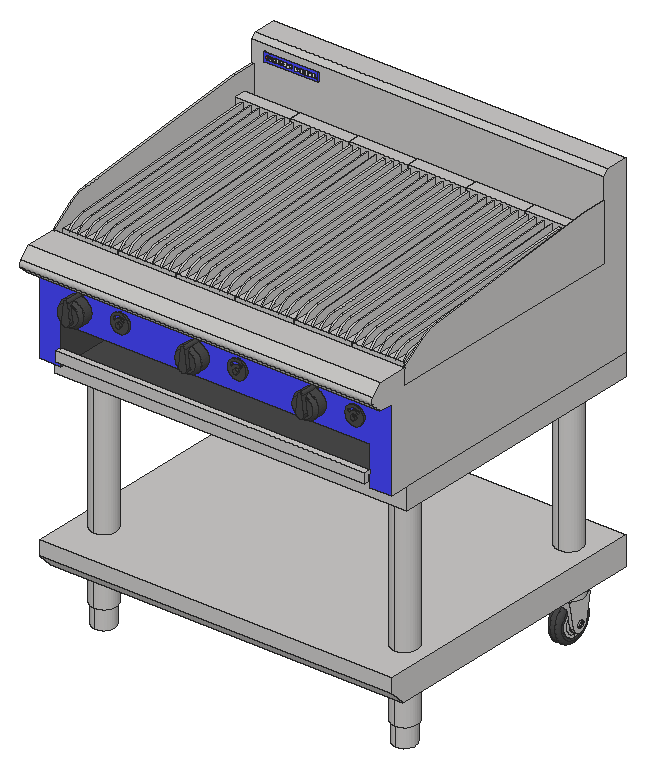
Revit family "QF_MOFFAT_BLUESEAL_CE_G596-LS", category Specialty Equipment, Revit 2012 (continued)
Automatic sketch dimensions
  plane 12 to Extrusion 32 sketch curve = 12.852 mm
  plane 12 to Extrusion 32 sketch curve = 8.738 mm
  plane 11 to Extrusion 32 sketch curve = 32 mm
  plane 9 to Extrusion 32 sketch curve = 105.155 mm
  plane 9 to Extrusion 32 sketch curve = 59.636 mm
  plane 9 to Extrusion 32 sketch curve = 7.151 mm
  plane 12 to Extrusion 33 sketch curve = 59 mm
  plane 12 to Extrusion 33 sketch curve = 12.852 mm
  plane 12 to Extrusion 33 sketch curve = 8.738 mm
  plane 11 to Extrusion 33 sketch curve = 32 mm
  plane 9 to Extrusion 33 sketch curve = 105.155 mm
  plane 9 to Extrusion 33 sketch curve = 59.636 mm
  plane 9 to Extrusion 33 sketch curve = 7.151 mm
  plane 12 to Extrusion 34 sketch curve = 59 mm
  plane 12 to Extrusion 34 sketch curve = 12.852 mm
  plane 12 to Extrusion 34 sketch curve = 8.738 mm
  plane 11 to Extrusion 34 sketch curve = 32 mm
  plane 9 to Extrusion 34 sketch curve = 105.155 mm
  plane 9 to Extrusion 34 sketch curve = 59.636 mm
  plane 9 to Extrusion 34 sketch curve = 7.151 mm
  plane 12 to Extrusion 35 sketch curve = 59 mm
  plane 12 to Extrusion 35 sketch curve = 12.852 mm
  plane 12 to Extrusion 35 sketch curve = 8.738 mm
  plane 11 to Extrusion 35 sketch curve = 32 mm
  plane 9 to Extrusion 35 sketch curve = 105.155 mm
  plane 9 to Extrusion 35 sketch curve = 59.636 mm
  plane 9 to Extrusion 35 sketch curve = 7.151 mm
  plane 12 to Extrusion 36 sketch curve = 59 mm
  plane 12 to Extrusion 36 sketch curve = 12.852 mm
  plane 12 to Extrusion 36 sketch curve = 8.738 mm
  plane 11 to Extrusion 36 sketch curve = 32 mm
  plane 9 to Extrusion 36 sketch curve = 105.155 mm
  plane 9 to Extrusion 36 sketch curve = 59.636 mm
  plane 9 to Extrusion 36 sketch curve = 7.151 mm
  plane 1 "BACK" to Extrusion 37 sketch curve = 31 mm
  plane 13 to Extrusion 37 sketch curve = 150.5 mm
  plane 9 to Extrusion 38 sketch curve = 0 mm
  plane 12 to Extrusion 38 sketch curve = 59 mm
  plane 11 to Extrusion 38 sketch curve = 32 mm
  plane 11 to Extrusion 38 sketch curve = 2 mm
  plane 9 to Extrusion 38 sketch curve = 59.636 mm
  Extrusion 38 sketch curve to Extrusion 38 sketch curve = 35.364 mm
  plane 9 to Extrusion 39 sketch curve = 0 mm
  plane 12 to Extrusion 39 sketch curve = 59 mm
  plane 11 to Extrusion 39 sketch curve = 32 mm
  plane 11 to Extrusion 39 sketch curve = 2 mm
  plane 9 to Extrusion 39 sketch curve = 59.636 mm
  Extrusion 39 sketch curve to Extrusion 39 sketch curve = 35.364 mm
  plane 9 to Extrusion 40 sketch curve = 0 mm
  plane 12 to Extrusion 40 sketch curve = 59 mm
  plane 11 to Extrusion 40 sketch curve = 32 mm
  plane 11 to Extrusion 40 sketch curve = 2 mm
  plane 9 to Extrusion 40 sketch curve = 59.636 mm
  Extrusion 40 sketch curve to Extrusion 40 sketch curve = 35.364 mm
  plane 9 to Extrusion 41 sketch curve = 0 mm
  plane 12 to Extrusion 41 sketch curve = 59 mm
  plane 11 to Extrusion 41 sketch curve = 32 mm
  plane 11 to Extrusion 41 sketch curve = 2 mm
  plane 9 to Extrusion 41 sketch curve = 59.636 mm
  Extrusion 41 sketch curve to Extrusion 41 sketch curve = 35.364 mm
  Revolve 44 sketch curve to plane 5 "FRONT" = 19 mm
  Revolve 44 sketch curve to Revolve 44 sketch curve = 0 mm  (x2)
  Revolve 44 sketch curve to Revolve 44 sketch curve = 11 mm
  Revolve 44 sketch curve to Revolve 44 sketch curve = 12.7 mm
  Revolve 44 sketch curve to Revolve 44 sketch curve = 23 mm
  Revolve 44 sketch curve to Revolve 44 sketch curve = 10 mm
  plane 9 to Revolve 44 sketch curve = 175.2 mm
  Revolve 44 sketch curve to Revolve 44 sketch curve = 5 mm
  Revolve 44 sketch curve to Revolve 44 sketch curve = 26.651 mm
  Revolve 44 sketch curve to Revolve 44 sketch curve = 5.849 mm
  Extrusion 45 sketch curve to plane 7 "Center Y" = 52.487 mm
  Extrusion 45 sketch curve to Extrusion 45 sketch curve = 5.489 mm
  Extrusion 45 sketch curve to Extrusion 45 sketch curve = 4.999 mm  (x2)
  Extrusion 45 sketch curve to Extrusion 45 sketch curve = 10.487 mm
  Extrusion 45 sketch curve to Extrusion 45 sketch curve = 10.419 mm
  plane 9 to Extrusion 45 sketch curve = 187.2 mm
  Extrusion 45 sketch curve to Extrusion 45 sketch curve = 0.028 mm
  Extrusion 45 sketch curve to Extrusion 45 sketch curve = 44 mm
  Extrusion 45 sketch curve to Extrusion 45 sketch curve = 0.113 mm
  Extrusion 46 sketch curve to Extrusion 1 = 0 mm
  Extrusion 46 sketch curve to Extrusion 1 = 100 mm
  Extrusion 46 sketch curve to Extrusion 1 = 55 mm  (x2)
  Extrusion 46 to Extrusion 47 sketch curve = 0 mm
  Extrusion 47 sketch curve to Extrusion 46 = 5.924 mm
  Extrusion 47 sketch curve to Extrusion 46 = 16.797 mm
  Extrusion 47 sketch curve to Extrusion 47 sketch curve = 15 mm
  Extrusion 47 sketch curve to Extrusion 47 sketch curve = 10 mm  (x2)
  Extrusion 46 to Extrusion 47 sketch curve = 31.346 mm
  Extrusion 47 sketch curve to Extrusion 47 sketch curve = 18.654 mm
  Revolve 48 sketch curve to level = 0 mm
  Revolve 48 sketch curve to plane 11 = 0 mm  (x2)
  plane 11 to Revolve 48 sketch curve = 27.5 mm
  plane 11 to Revolve 48 sketch curve = 31.75 mm
  Revolve 48 sketch curve to Revolve 48 sketch curve = 55 mm
  level to Revolve 48 sketch curve = 50 mm
  Revolve 48 sketch curve to Revolve 48 sketch curve = 0 mm
  Revolve 48 sketch curve to Revolve 48 sketch curve = 100 mm
  Revolve 49 sketch curve to level = 0 mm
  Revolve 49 sketch curve to plane 11 = 0 mm  (x2)
  plane 11 to Revolve 49 sketch curve = 27.5 mm
  plane 11 to Revolve 49 sketch curve = 31.75 mm
  level to Revolve 49 sketch curve = 50 mm
  Revolve 49 sketch curve to Revolve 49 sketch curve = 0 mm
  Revolve 49 sketch curve to Revolve 49 sketch curve = 100 mm
  Revolve 49 sketch curve to Revolve 49 sketch curve = 55 mm
  plane 3 "LEFT" to Revolve 50 sketch curve = 31.118 mm
  Revolve 50 sketch curve to Revolve 50 sketch curve = 1.27 mm  (x4)
  Revolve 50 sketch curve to Revolve 50 sketch curve = 1.524 mm  (x2)
  Revolve 50 sketch curve to Revolve 50 sketch curve = 12.146 mm  (x2)
  Revolve 50 sketch curve to plane 13 = 16.68 mm
  Revolve 50 sketch curve to Revolve 50 sketch curve = 0.794 mm  (x2)
  Revolve 50 sketch curve to Revolve 50 sketch curve = 3.57 mm
  Revolve 50 sketch curve to Revolve 50 sketch curve = 2.143 mm
  Revolve 50 sketch curve to plane 13 = 6.361 mm
  plane 13 to Revolve 50 sketch curve = 5.13 mm
  plane 13 to Revolve 50 sketch curve = 6.339 mm
  plane 13 to Revolve 50 sketch curve = 14.515 mm
  Revolve 50 sketch curve to Revolve 50 sketch curve = 1.349 mm  (x2)
  Revolve 50 sketch curve to Revolve 50 sketch curve = 3.556 mm
  Revolve 50 sketch curve to Revolve 50 sketch curve = 33.32 mm
  level to Revolve 50 sketch curve = 49.952 mm
  Revolve 50 sketch curve to Revolve 50 sketch curve = 0 mm
  Revolve 50 sketch curve to Revolve 50 sketch curve = 3.505 mm  (x2)
  Revolve 50 sketch curve to Revolve 50 sketch curve = 3.447 mm  (x2)
  Revolve 50 sketch curve to Revolve 50 sketch curve = 9.964 mm
  Revolve 50 sketch curve to Revolve 50 sketch curve = 10.045 mm
  Revolve 50 sketch curve to Revolve 50 sketch curve = 2.053 mm
  Revolve 50 sketch curve to Revolve 50 sketch curve = 2.061 mm
  Revolve 50 sketch curve to Revolve 50 sketch curve = 8.247 mm
  Revolve 50 sketch curve to Revolve 50 sketch curve = 8.336 mm
  Revolve 50 sketch curve to Revolve 50 sketch curve = 6.35 mm  (x2)
  Extrusion 51 sketch curve to plane 11 = 0 mm
  plane 11 to Extrusion 51 sketch curve = 19.393 mm
  plane 11 to Extrusion 51 sketch curve = 31.75 mm
  Extrusion 51 sketch curve to plane 11 = 19.393 mm
  Extrusion 51 sketch curve to plane 11 = 31.75 mm
  level to Extrusion 51 sketch curve = 45.111 mm
  Extrusion 51 sketch curve to Extrusion 51 sketch curve = 4.889 mm
  Extrusion 51 sketch curve to Extrusion 51 sketch curve = 64.889 mm
  Revolve 52 sketch curve to plane 11 = 0 mm  (x2)
  plane 11 to Revolve 52 sketch curve = 35.75 mm
  Revolve 52 sketch curve to level = 55 mm
  level to Revolve 52 sketch curve = 50 mm
  Revolve 52 sketch curve to Revolve 52 sketch curve = 60 mm
  Revolve 52 sketch curve to Revolve 52 sketch curve = 40 mm
  Revolve 53 sketch curve to level = 0 mm
  Revolve 53 sketch curve to plane 11 = 0 mm  (x2)
  Revolve 53 sketch curve to Revolve 53 sketch curve = 27.5 mm
  Revolve 53 sketch curve to Revolve 53 sketch curve = 31.75 mm
  Revolve 53 sketch curve to Revolve 53 sketch curve = 55 mm
  level to Revolve 53 sketch curve = 50 mm
  Revolve 53 sketch curve to Revolve 53 sketch curve = 0 mm
  Revolve 53 sketch curve to Revolve 53 sketch curve = 100 mm
  plane 14 to Revolve 54 sketch curve = 34.882 mm
  Revolve 54 sketch curve to Revolve 54 sketch curve = 1.27 mm  (x4)
  Revolve 54 sketch curve to Revolve 54 sketch curve = 1.524 mm  (x2)
  Revolve 54 sketch curve to Revolve 54 sketch curve = 12.146 mm  (x2)
  Revolve 54 sketch curve to Revolve 54 sketch curve = 2.762 mm
  Revolve 54 sketch curve to Revolve 54 sketch curve = 0.794 mm  (x2)
  Revolve 54 sketch curve to Revolve 54 sketch curve = 3.57 mm
  Revolve 54 sketch curve to Revolve 54 sketch curve = 2.143 mm
  plane 14 to Revolve 54 sketch curve = 6.861 mm
  Revolve 54 sketch curve to plane 14 = 4.63 mm
  Revolve 54 sketch curve to plane 14 = 5.839 mm
  Revolve 54 sketch curve to plane 14 = 14.015 mm
  Revolve 54 sketch curve to Revolve 54 sketch curve = 1.349 mm  (x2)
  Revolve 54 sketch curve to Revolve 54 sketch curve = 3.556 mm
  Revolve 54 sketch curve to plane 4 "RIGHT" = 1.68 mm
  level to Revolve 54 sketch curve = 49.952 mm
  Revolve 54 sketch curve to Revolve 54 sketch curve = 0 mm
  Revolve 54 sketch curve to Revolve 54 sketch curve = 3.505 mm  (x2)
  Revolve 54 sketch curve to Revolve 54 sketch curve = 3.447 mm  (x2)
  Revolve 54 sketch curve to Revolve 54 sketch curve = 9.964 mm
  Revolve 54 sketch curve to Revolve 54 sketch curve = 10.045 mm
  Revolve 54 sketch curve to Revolve 54 sketch curve = 2.053 mm
  Revolve 54 sketch curve to Revolve 54 sketch curve = 2.061 mm
  Revolve 54 sketch curve to Revolve 54 sketch curve = 8.247 mm
  Revolve 54 sketch curve to Revolve 54 sketch curve = 8.336 mm
  Revolve 54 sketch curve to Revolve 54 sketch curve = 6.35 mm  (x2)
  Extrusion 55 sketch curve to plane 11 = 0 mm
  plane 11 to Extrusion 55 sketch curve = 19.393 mm
  plane 11 to Extrusion 55 sketch curve = 31.75 mm
  Extrusion 55 sketch curve to plane 11 = 19.393 mm
  Extrusion 55 sketch curve to plane 11 = 31.75 mm
  level to Extrusion 55 sketch curve = 45.111 mm
  Extrusion 55 sketch curve to Extrusion 55 sketch curve = 4.889 mm
  Extrusion 55 sketch curve to Extrusion 55 sketch curve = 64.889 mm
  Revolve 56 sketch curve to plane 11 = 0 mm  (x2)
  Revolve 56 sketch curve to Revolve 56 sketch curve = 35.75 mm
  Revolve 56 sketch curve to level = 55 mm
  level to Revolve 56 sketch curve = 50 mm
  Revolve 56 sketch curve to Revolve 56 sketch curve = 60 mm
  Revolve 56 sketch curve to Revolve 56 sketch curve = 40 mm
  plane 12 to Extrusion 57 sketch curve = 59 mm
  plane 12 to Extrusion 57 sketch curve = 12.852 mm
  plane 12 to Extrusion 57 sketch curve = 8.738 mm
  plane 11 to Extrusion 57 sketch curve = 32 mm
  plane 9 to Extrusion 57 sketch curve = 105.155 mm
  plane 9 to Extrusion 57 sketch curve = 59.636 mm
  plane 9 to Extrusion 57 sketch curve = 7.151 mm
  plane 12 to Extrusion 58 sketch curve = 59 mm
  plane 12 to Extrusion 58 sketch curve = 12.852 mm
  plane 12 to Extrusion 58 sketch curve = 8.738 mm
  plane 11 to Extrusion 58 sketch curve = 32 mm
  plane 9 to Extrusion 58 sketch curve = 105.155 mm
  plane 9 to Extrusion 58 sketch curve = 59.636 mm
  plane 9 to Extrusion 58 sketch curve = 7.151 mm
  plane 12 to Extrusion 59 sketch curve = 59 mm
  plane 12 to Extrusion 59 sketch curve = 12.852 mm
  plane 12 to Extrusion 59 sketch curve = 8.738 mm
  plane 11 to Extrusion 59 sketch curve = 32 mm
  plane 9 to Extrusion 59 sketch curve = 105.155 mm
  plane 9 to Extrusion 59 sketch curve = 59.636 mm
  plane 9 to Extrusion 59 sketch curve = 7.151 mm
  plane 12 to Extrusion 60 sketch curve = 59 mm
  plane 12 to Extrusion 60 sketch curve = 12.852 mm
  plane 12 to Extrusion 60 sketch curve = 8.738 mm
  plane 11 to Extrusion 60 sketch curve = 32 mm
  plane 9 to Extrusion 60 sketch curve = 105.155 mm
  plane 9 to Extrusion 60 sketch curve = 59.636 mm
  plane 9 to Extrusion 60 sketch curve = 7.151 mm
  plane 12 to Extrusion 61 sketch curve = 59 mm
  plane 12 to Extrusion 61 sketch curve = 12.852 mm
  plane 12 to Extrusion 61 sketch curve = 8.738 mm
  plane 11 to Extrusion 61 sketch curve = 32 mm
  plane 9 to Extrusion 61 sketch curve = 105.155 mm
  plane 9 to Extrusion 61 sketch curve = 59.636 mm
  plane 9 to Extrusion 61 sketch curve = 7.151 mm
  plane 12 to Extrusion 62 sketch curve = 59 mm
  plane 12 to Extrusion 62 sketch curve = 12.852 mm
  plane 12 to Extrusion 62 sketch curve = 8.738 mm
  plane 11 to Extrusion 62 sketch curve = 32 mm
  plane 9 to Extrusion 62 sketch curve = 105.155 mm
  plane 9 to Extrusion 62 sketch curve = 59.636 mm
  plane 9 to Extrusion 62 sketch curve = 7.151 mm
  plane 12 to Extrusion 63 sketch curve = 59 mm
  plane 12 to Extrusion 63 sketch curve = 12.852 mm
  plane 12 to Extrusion 63 sketch curve = 8.738 mm
  plane 11 to Extrusion 63 sketch curve = 32 mm
  plane 9 to Extrusion 63 sketch curve = 105.155 mm
  plane 9 to Extrusion 63 sketch curve = 59.636 mm
  plane 9 to Extrusion 63 sketch curve = 7.151 mm
  plane 9 to Extrusion 64 sketch curve = 0 mm
  plane 12 to Extrusion 64 sketch curve = 59 mm
  plane 11 to Extrusion 64 sketch curve = 32 mm
  plane 11 to Extrusion 64 sketch curve = 2 mm
  plane 9 to Extrusion 64 sketch curve = 59.636 mm
  Extrusion 64 sketch curve to Extrusion 64 sketch curve = 35.364 mm
  plane 12 to Extrusion 65 sketch curve = 59 mm
  plane 12 to Extrusion 65 sketch curve = 12.852 mm
  plane 12 to Extrusion 65 sketch curve = 8.738 mm
  plane 11 to Extrusion 65 sketch curve = 32 mm
  plane 9 to Extrusion 65 sketch curve = 105.155 mm
  plane 9 to Extrusion 65 sketch curve = 59.636 mm
  plane 9 to Extrusion 65 sketch curve = 7.151 mm
  plane 12 to Extrusion 66 sketch curve = 59 mm
  plane 12 to Extrusion 66 sketch curve = 12.852 mm
  plane 12 to Extrusion 66 sketch curve = 8.738 mm
  plane 11 to Extrusion 66 sketch curve = 32 mm
  plane 9 to Extrusion 66 sketch curve = 105.155 mm
  plane 9 to Extrusion 66 sketch curve = 59.636 mm
  plane 9 to Extrusion 66 sketch curve = 7.151 mm
  plane 12 to Extrusion 67 sketch curve = 59 mm
  plane 12 to Extrusion 67 sketch curve = 12.852 mm
  plane 12 to Extrusion 67 sketch curve = 8.738 mm
  plane 11 to Extrusion 67 sketch curve = 32 mm
  plane 9 to Extrusion 67 sketch curve = 105.155 mm
  plane 9 to Extrusion 67 sketch curve = 59.636 mm
  plane 9 to Extrusion 67 sketch curve = 7.151 mm
  plane 12 to Extrusion 68 sketch curve = 59 mm
  plane 12 to Extrusion 68 sketch curve = 12.852 mm
  plane 12 to Extrusion 68 sketch curve = 8.738 mm
  plane 11 to Extrusion 68 sketch curve = 32 mm
  plane 9 to Extrusion 68 sketch curve = 105.155 mm
  plane 9 to Extrusion 68 sketch curve = 59.636 mm
  plane 9 to Extrusion 68 sketch curve = 7.151 mm
  plane 12 to Extrusion 69 sketch curve = 59 mm
  plane 12 to Extrusion 69 sketch curve = 12.852 mm
  plane 12 to Extrusion 69 sketch curve = 8.738 mm
  plane 11 to Extrusion 69 sketch curve = 32 mm
  plane 9 to Extrusion 69 sketch curve = 105.155 mm
  plane 9 to Extrusion 69 sketch curve = 59.636 mm
  plane 9 to Extrusion 69 sketch curve = 7.151 mm
  plane 12 to Extrusion 70 sketch curve = 59 mm
  plane 12 to Extrusion 70 sketch curve = 12.852 mm
  plane 12 to Extrusion 70 sketch curve = 8.738 mm
  plane 11 to Extrusion 70 sketch curve = 32 mm
  plane 9 to Extrusion 70 sketch curve = 105.155 mm
  plane 9 to Extrusion 70 sketch curve = 59.636 mm
  plane 9 to Extrusion 70 sketch curve = 7.151 mm
  plane 12 to Extrusion 71 sketch curve = 59 mm
  plane 12 to Extrusion 71 sketch curve = 12.852 mm
  plane 12 to Extrusion 71 sketch curve = 8.738 mm
  plane 11 to Extrusion 71 sketch curve = 32 mm
  plane 9 to Extrusion 71 sketch curve = 105.155 mm
  plane 9 to Extrusion 71 sketch curve = 59.636 mm
  plane 9 to Extrusion 71 sketch curve = 7.151 mm
  plane 9 to Extrusion 72 sketch curve = 0 mm
  plane 12 to Extrusion 72 sketch curve = 59 mm
  plane 11 to Extrusion 72 sketch curve = 32 mm
  plane 11 to Extrusion 72 sketch curve = 2 mm
  plane 9 to Extrusion 72 sketch curve = 59.636 mm
  Extrusion 72 sketch curve to Extrusion 72 sketch curve = 35.364 mm
  Extrusion 73 sketch curve to Extrusion 1 = 0 mm
  Extrusion 73 sketch curve to Extrusion 1 = 100 mm
  Extrusion 73 sketch curve to Extrusion 1 = 55 mm  (x2)
  Revolve 74 sketch curve to plane 5 "FRONT" = 19 mm
  Revolve 74 sketch curve to Revolve 74 sketch curve = 0 mm  (x2)
  Revolve 74 sketch curve to Revolve 74 sketch curve = 11 mm
  Revolve 74 sketch curve to Revolve 74 sketch curve = 12.7 mm
  Revolve 74 sketch curve to Revolve 74 sketch curve = 23 mm
  Revolve 74 sketch curve to Revolve 74 sketch curve = 10 mm
  plane 9 to Revolve 74 sketch curve = 175.2 mm
  Revolve 74 sketch curve to Revolve 74 sketch curve = 5 mm
  Revolve 74 sketch curve to Revolve 74 sketch curve = 26.651 mm
  Revolve 74 sketch curve to Revolve 74 sketch curve = 5.849 mm
  plane 14 to Extrusion 75 sketch curve = 136.987 mm
  Extrusion 75 sketch curve to Extrusion 75 sketch curve = 5.489 mm
  Extrusion 75 sketch curve to Extrusion 75 sketch curve = 4.999 mm  (x2)
  Extrusion 75 sketch curve to Extrusion 75 sketch curve = 10.487 mm
  Extrusion 75 sketch curve to Extrusion 75 sketch curve = 10.419 mm
  plane 9 to Extrusion 75 sketch curve = 187.2 mm
  Extrusion 75 sketch curve to Extrusion 75 sketch curve = 0.028 mm
  Extrusion 75 sketch curve to Extrusion 75 sketch curve = 44 mm
  Extrusion 75 sketch curve to Extrusion 75 sketch curve = 0.113 mm
  Extrusion 1 to Extrusion 42 sketch curve = 44.5 mm  (x3)
  Extrusion 42 sketch curve to Extrusion 42 sketch curve = 1.218 mm  (x3)
  Extrusion 42 sketch curve to Extrusion 42 sketch curve = 1.97 mm  (x6)
  Extrusion 42 sketch curve to Extrusion 42 sketch curve = 1.724 mm  (x3)
  Extrusion 42 sketch curve to Extrusion 42 sketch curve = 1.683 mm  (x3)
  Extrusion 42 sketch curve to Extrusion 42 sketch curve = 6.674 mm  (x3)
  Extrusion 42 sketch curve to Extrusion 42 sketch curve = 0.195 mm  (x3)
  Extrusion 42 sketch curve to Extrusion 42 sketch curve = 2.662 mm  (x3)
  Extrusion 1 to Extrusion 42 sketch curve = 193.209 mm
  Extrusion 42 sketch curve to Extrusion 42 sketch curve = 2.986 mm  (x3)
  Extrusion 42 sketch curve to Extrusion 42 sketch curve = 8.796 mm  (x3)
  Extrusion 42 sketch curve to Extrusion 42 sketch curve = 0.103 mm  (x3)
  Extrusion 42 sketch curve to Extrusion 42 sketch curve = 0.102 mm  (x3)
  Extrusion 42 sketch curve to Extrusion 42 sketch curve = 271.13 mm
  Extrusion 1 to Extrusion 42 sketch curve = 106.791 mm
  Extrusion 43 sketch curve to Extrusion 43 sketch curve = 0 mm  (x2)
  Extrusion 43 sketch curve to Extrusion 43 sketch curve = 300 mm  (x2)
  Split face 1 sketch curve to cut or joined group of Extrusion 1, Extrusion 73 = 27.315 mm
  Split face 1 sketch curve to cut or joined group of Extrusion 1, Extrusion 73 = 284.66 mm
  Split face 1 sketch curve to Split face 1 sketch curve = 4.041 mm  (x4)
  Split face 1 sketch curve to Split face 1 sketch curve = 8.66 mm  (x2)
  Split face 1 sketch curve to cut or joined group of Extrusion 1, Extrusion 73 = 12.315 mm
  Split face 1 sketch curve to cut or joined group of Extrusion 1, Extrusion 73 = 48.041 mm
  Split face 1 sketch curve to Split face 1 sketch curve = 7 mm  (x3)
  Split face 1 sketch curve to Split face 1 sketch curve = 17 mm
  Split face 2 sketch curve to cut or joined group of Extrusion 1, Extrusion 73 = 27.315 mm
  Split face 2 sketch curve to cut or joined group of Extrusion 1, Extrusion 73 = 572.64 mm
  Split face 2 sketch curve to Split face 2 sketch curve = 4.041 mm  (x4)
  Split face 2 sketch curve to Split face 2 sketch curve = 8.66 mm  (x2)
  Split face 2 sketch curve to cut or joined group of Extrusion 1, Extrusion 73 = 12.315 mm
  Split face 2 sketch curve to cut or joined group of Extrusion 1, Extrusion 73 = 336.021 mm
  Split face 2 sketch curve to Split face 2 sketch curve = 7 mm  (x3)
  Split face 2 sketch curve to Split face 2 sketch curve = 17 mm
  Split face 3 sketch curve to cut or joined group of Extrusion 1, Extrusion 73 = 27.315 mm
  Split face 3 sketch curve to cut or joined group of Extrusion 1, Extrusion 73 = 39.381 mm
  Split face 3 sketch curve to cut or joined group of Extrusion 1, Extrusion 73 = 23.185 mm
  Split face 3 sketch curve to Split face 3 sketch curve = 4.041 mm  (x3)
  Split face 3 sketch curve to Split face 3 sketch curve = 8.66 mm  (x3)
  Split face 3 sketch curve to cut or joined group of Extrusion 1, Extrusion 73 = 12.315 mm
  Split face 3 sketch curve to Split face 3 sketch curve = 223.917 mm
  Split face 3 sketch curve to cut or joined group of Extrusion 1, Extrusion 73 = 18.185 mm
  Split face 3 sketch curve to Split face 3 sketch curve = 10 mm
  Split face 3 sketch curve to Split face 3 sketch curve = 7 mm
  plane 1 "BACK" to curve 95 = 33.185 mm
  curve 40 to curve 95 = 23.319 mm
  curve 95 to curve 93 = 4.041 mm  (x2)
  curve 95 to curve 88 = 8.66 mm
  plane 1 "BACK" to curve 89 = 18.185 mm
  curve 89 to curve 28 = 37.062 mm
  curve 89 to curve 92 = 4.041 mm
  curve 89 to curve 89 = 8.66 mm
  curve 89 to curve 91 = 4.041 mm
  curve 91 to curve 88 = 27 mm
  curve 93 to curve 95 = 7 mm
  curve 92 to curve 91 = 10 mm
  curve 91 to curve 89 = 7 mm
  plane 1 "BACK" to curve 98 = 33.185 mm
  curve 90 to curve 98 = 38.659 mm
  plane 1 "BACK" to curve 98 = 40.185 mm
  curve 98 to curve 98 = 4.041 mm
  curve 97 to curve 97 = 8.66 mm
  curve 97 to curve 99 = 4.041 mm
  curve 103 to plane 14 = 13.417 mm
  curve 103 to curve 101 = 4.041 mm
  curve 103 to curve 102 = 8.66 mm
  curve 102 to curve 101 = 4.041 mm
  curve 5 to curve 101 = 1.55 mm
  curve 100 to curve 101 = 10 mm
  curve 99 to curve 97 = 7 mm
  curve 101 to curve 103 = 7 mm
  curve 111 to plane 13 = 30.16 mm
  curve 110 to curve 110 = 4.041 mm
  curve 111 to curve 111 = 8.66 mm
  curve 111 to curve 109 = 4.041 mm
  plane 1 "BACK" to curve 105 = 28.185 mm
  curve 105 to curve 94 = 51.36 mm
  curve 105 to curve 107 = 4.041 mm  (x2)
  curve 105 to curve 105 = 8.66 mm
  curve 1 to curve 109 = 1.55 mm
  curve 108 to curve 109 = 5 mm
  curve 107 to curve 105 = 7 mm
  curve 109 to curve 111 = 7 mm  (x2)
  radius of Extrusion 37 sketch curve = 13.5 mm
  radius of Extrusion 42 sketch curve = 23.9 mm  (x3)
  radius of Extrusion 43 sketch curve = 5.75 mm  (x3)
Nested families
  nested 1: "WALDORF LOGO_FACE BASE" at (32.004, -70, 1056.885) x (1, 0, 0) z (0, -1, 0), visible <- "Show Logo", type "WALDORF LOGO_FACE BASE", detail levels medium+fine
    with Show Logo yes
Connectors
  piping at (216, -31, 553)
    settings: on Extrusion 37, index 2, connector radius 0.37402", flow factor 0, pipe flow 0 GPM, pressure drop 0.00 psi, fitting loss kfactor 0, connector angle 0.00°, fixture units 0, engagement length 0 mm, flow configuration 1, flow direction 1, fitting loss method 0, system type 7, joint type 0, gender type 0, connector reference index -1, connector utility 0, adjustable connector no, is connector primary yes, fitting loss table "", connector description ""
Definition of nested family "WALDORF LOGO_FACE BASE"
  Parameters (values of type "WALDORF LOGO_FACE BASE")
    Show Logo [instance] = yes
    Default Elevation = 1219.2 mm
  Reference planes
    plane 1 "Center (Front/Back)": y = 0
    plane 2: z = 0
    plane 3 "Center (Left/Right)": x = 0
  Forms (mm)
    Extrusion 1, solid
      sketch origin (0, 0, 0) x (1, 0, 0) y (0, 1, 0)
        loop
          line (-1219.2, 1219.2) -> (-1219.2, -1219.2) -> (1219.2, -1219.2) -> (1219.2, 1219.2) -> (-1219.2, 1219.2)
      from 0 to -304.8
    Extrusion 2, solid, material "QF_Finishes_Blue", visible <- "Show Logo"
      sketch origin (0, -33.217, 0) x (1, 0, 0) y (0, 1, 0)
        loop
          arc (138, 31.942) -> (137.626, 32.844) -> (136.724, 33.217) r 1.276
          line (136.724, 33.217) -> (1.29, 33.217)
          arc (1.29, 33.217) -> (0.378, 32.839) -> (0, 31.927) r 1.29
          line (0, 31.927) -> (0, 11.507)
          arc (0, 11.507) -> (0.378, 10.595) -> (1.29, 10.217) r 1.29
          line (1.29, 10.217) -> (136.71, 10.217)
          arc (136.71, 10.217) -> (137.622, 10.595) -> (138, 11.507) r 1.29
          line (138, 11.507) -> (138, 31.942)
      from 0 to 1.588
    Extrusion 3, solid, material "QF_Finishes_White", visible <- "Show Logo"
      sketch origin (0, -33.217, 1.588) x (1, 0, 0) y (0, 1, 0)
        loop
          arc (108.946, 25.919) -> (107.613, 25.367) -> (107.061, 24.034) r 1.885
          line (107.061, 24.034) -> (107.061, 17.211) -> (112.704, 17.211) -> (112.704, 19.129) -> (115.546, 19.129) -> (115.546, 17.211) -> (121.584, 17.211) -> (121.584, 24.075)
          arc (121.584, 24.075) -> (121.043, 25.379) -> (119.739, 25.919) r 1.845
          line (119.739, 25.919) -> (108.946, 25.919)
        loop
          line (123.478, 25.919) -> (123.478, 17.163) -> (134.904, 17.163) -> (134.904, 19.129) -> (129.246, 19.129) -> (129.246, 25.919) -> (123.478, 25.919)
        loop
          line (112.704, 21.258) -> (115.546, 21.258) -> (115.546, 22.702)
          arc (115.546, 22.702) -> (115.344, 23.188) -> (114.858, 23.389) r 0.687
          line (114.858, 23.389) -> (113.363, 23.389)
          arc (113.363, 23.389) -> (112.897, 23.196) -> (112.704, 22.73) r 0.658
          line (112.704, 22.73) -> (112.704, 21.258)
        loop
          line (105.071, 25.919) -> (93.771, 25.919) -> (93.771, 17.163) -> (105.071, 17.163) -> (105.071, 19.063) -> (99.535, 19.063) -> (99.535, 20.437) -> (105.071, 20.437) -> (105.071, 22.278) -> (99.535, 22.278) -> (99.535, 23.587) -> (105.071, 23.587) -> (105.071, 25.919)
        loop
          line (91.104, 25.919) -> (79.541, 25.919)
          arc (79.541, 25.919) -> (78.558, 25.513) -> (78.152, 24.53) r 1.389
          line (78.152, 24.53) -> (78.152, 22.08)
          arc (78.152, 22.08) -> (78.558, 21.098) -> (79.541, 20.691) r 1.389
          line (79.541, 20.691) -> (86.346, 20.691) -> (86.346, 18.864) -> (83.266, 18.864) -> (83.266, 19.664) -> (78.152, 19.664) -> (78.152, 18.553)
          arc (78.152, 18.553) -> (78.558, 17.57) -> (79.541, 17.163) r 1.389
          line (79.541, 17.163) -> (91.063, 17.163)
          arc (91.063, 17.163) -> (92.045, 17.57) -> (92.452, 18.553) r 1.389
          line (92.452, 18.553) -> (92.452, 20.691)
          arc (92.452, 20.691) -> (92.045, 21.673) -> (91.063, 22.08) r 1.389
          line (91.063, 22.08) -> (83.266, 22.08) -> (83.266, 23.984) -> (86.346, 23.984) -> (86.346, 22.743) -> (92.452, 22.743) -> (92.452, 24.571)
          arc (92.452, 24.571) -> (92.057, 25.524) -> (91.104, 25.919) r 1.348
        loop
          line (70.705, 25.919) -> (59.405, 25.919) -> (59.405, 17.163) -> (70.705, 17.163) -> (70.705, 19.063) -> (65.169, 19.063) -> (65.169, 20.437) -> (70.705, 20.437) -> (70.705, 22.278) -> (65.169, 22.278) -> (65.169, 23.587) -> (70.705, 23.587) -> (70.705, 25.919)
        loop
          line (57.598, 25.919) -> (51.7, 25.919) -> (51.7, 20.18)
          arc (51.7, 20.18) -> (50.63, 19.11) -> (49.56, 20.18) r 1.07
          line (49.56, 20.18) -> (49.56, 25.919) -> (43.663, 25.919) -> (43.663, 19.049)
          arc (43.663, 19.049) -> (44.215, 17.716) -> (45.548, 17.163) r 1.885
          line (45.548, 17.163) -> (55.71, 17.163)
          arc (55.71, 17.163) -> (57.045, 17.716) -> (57.598, 19.051) r 1.887
          line (57.598, 19.051) -> (57.598, 25.919)
        loop
          line (31.62, 25.919) -> (31.62, 17.163) -> (43.046, 17.163) -> (43.046, 19.129) -> (37.388, 19.129) -> (37.388, 25.919) -> (31.62, 25.919)
        loop
          line (15.969, 25.919) -> (15.969, 17.163) -> (28.693, 17.163)
          arc (28.693, 17.163) -> (29.812, 17.627) -> (30.276, 18.746) r 1.582
          line (30.276, 18.746) -> (30.276, 20.447) -> (29.48, 21.243) -> (30.276, 22.039) -> (30.276, 24.332)
          arc (30.276, 24.332) -> (29.811, 25.454) -> (28.688, 25.919) r 1.587
          line (28.688, 25.919) -> (15.969, 25.919)
        loop
          line (21.449, 24.159) -> (21.449, 22.436) -> (23.862, 22.436)
          arc (23.862, 22.436) -> (24.723, 23.298) -> (23.862, 24.159) r 0.861
          line (23.862, 24.159) -> (21.449, 24.159)
        loop
          line (21.449, 20.244) -> (21.449, 18.522) -> (23.862, 18.522)
          arc (23.862, 18.522) -> (24.723, 19.383) -> (23.862, 20.244) r 0.861
          line (23.862, 20.244) -> (21.449, 20.244)
      from 0 to 0.2
    Extrusion 4, solid, material "QF_Finishes_Blue", visible <- "Show Logo"
      sketch origin (-126.498, -31.09, 1.588) x (1, 0, 0) y (0, 1, 0)
        loop
          line (136.738, 23.522) -> (136.738, 15.1)
          arc (136.738, 15.1) -> (140.756, 19.311) -> (136.738, 23.522) r 4.216
      from 0 to 0.2
    Extrusion 5, solid, material "QF_Finishes_Red", visible <- "Show Logo"
      sketch origin (146.849, -31.09, 1.588) x (-1, 0, 0) y (0, -1, 0)
        loop
          arc (136.738, -23.522) -> (140.756, -19.311) -> (136.738, -15.1) r 4.216
          line (136.738, -15.1) -> (136.738, -23.522)
      from 0 to 0.2
  Lines and regions (mm)
    Split face 1
      outline origin (-90.35, -30.793, 1.588) x (1, 0, 0) y (0, 1, 0)
        loop
          circle (100.54, 19.013) r 4.536
  Dimensions and locks
    aligned and locked: plane 2 to Extrusion 1
    aligned and locked: level to Extrusion 1
